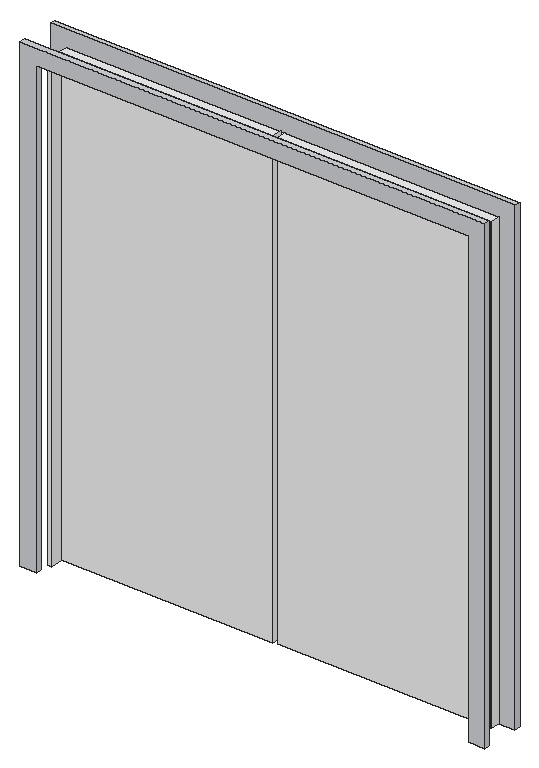
Revit family "0007_M_DR_W_double_hinged_door_family2", category 문, Revit 2026
Family settings
  호스트 = 벽
  항상 수직 = 예
  로드될 때 보이드를 사용하여 절단 = 아니오
  공유 = 아니오
  룸 계산 점 = 아니오
Parameters (values of type "2000 x 2100 mm 2")
  프레임 투영 외부 = 25 mm
  프레임 투영 내부 = 25 mm
  프레임 폭 = 75 mm
  Function = (empty or 0)
  Assembly Code = ""
  두께 = 43 mm
  높이 = 2100 mm
  벽 마무리 = 호스트별
  폭 = 2000 mm
Reference planes
  plane 1: y = 0
  plane 2 "중심(왼쪽/오른쪽)": x = 0
  plane 3 "좌측면": x = -1000
  plane 4 "오른쪽": x = 1000
  plane 5: z = 2100
  plane 6 "외부": y = 75
  plane 7 "내부": y = -75
Forms (mm)
  Extrusion 1, solid
    sketch origin (-3050, -75, 0) x (1, 0, 0) y (0, 0, 1)
      loop
        line (1975, 0) -> (2050, 0) -> (2050, 2100) -> (4050, 2100) -> (4050, 0) -> (4125, 0) -> (4125, 2175) -> (1975, 2175) -> (1975, 0)
    from 0 to 25
  Extrusion 2, solid
    sketch origin (-3050, 75, 0) x (-1, 0, 0) y (0, 0, 1)
      loop
        line (-2050, 0) -> (-1975, 0) -> (-1975, 2175) -> (-4125, 2175) -> (-4125, 0) -> (-4050, 0) -> (-4050, 2100) -> (-2050, 2100) -> (-2050, 0)
    from 0 to 25
  Extrusion 3, solid, material "문짝"
    sketch origin (0, 0, 0) x (1, 0, 0) y (0, 1, 0)
      loop
        line (-1000, 32) -> (-10, 32) -> (-10, 75) -> (-1000, 75) -> (-1000, 32)
      loop
        line (1000, 32) -> (1000, 75) -> (10, 75) -> (10, 32) -> (1000, 32)
      loop
        line (-1000, 21.744) -> (-1000, -32) -> (-985, -32) -> (-985, 21.744) -> (-1000, 21.744)
      loop
        line (985, 21.611) -> (985, -32) -> (1000, -32) -> (1000, 21.611) -> (985, 21.611)
    from 0 to 2100
Lines and regions (mm)
  Opening 1
    outline origin (-3050, -75, 0) x (1, 0, 0) y (0, 0, 1)
      loop
        line (2050, 0) -> (4050, 0) -> (4050, 2100) -> (2050, 2100) -> (2050, 0)
  symbolic lines, style "입면도 스윙"
    curve 1: line (1000, -75, 1050) -> (10, -75, 0)
    curve 22: line (1000, -75, 1050) -> (10, -75, 2100)
    curve 23: line (-1000, -75, 1050) -> (-10, -75, 0)
    curve 24: line (-1000, -75, 1050) -> (-10, -75, 2100)
  symbolic lines
    curve 2: line (-1000, 75, 0) -> (-1000, 32, 0)
    curve 3: line (-1000, 32, 0) -> (-985, 32, 0)
    curve 4: line (-1000, -75, 0) -> (-1000, -32, 0)
    curve 5: line (-1000, -32, 0) -> (-985, -32, 0)
    curve 6: line (-985, -32, 0) -> (-985, 32, 0)
    curve 7: line (1000, 75, 0) -> (1000, 32, 0)
    curve 8: line (1000, 32, 0) -> (985, 32, 0)
    curve 9: line (1000, -75, 0) -> (1000, -32, 0)
    curve 10: line (1000, -32, 0) -> (985, -32, 0)
    curve 11: line (985, -32, 0) -> (985, 32, 0)
    curve 12: line (-1000, 75, 0) -> (-1000, 1075, 0)
    curve 13: line (-1000, 1075, 0) -> (-957, 1075, 0)
    curve 14: line (-957, 1075, 0) -> (-957, 75, 0)
    curve 15: line (-957, 75, 0) -> (-1000, 75, 0)
    curve 16: line (1000, 75, 0) -> (1000, 1075, 0)
    curve 17: line (1000, 1075, 0) -> (957, 1075, 0)
    curve 18: line (957, 1075, 0) -> (957, 75, 0)
    curve 19: line (957, 75, 0) -> (1000, 75, 0)
    curve 20: arc (-957, 1075, 0) -> (-262.488, 751.701, 0) -> (0, 32, 0) r 1000.924
    curve 21: arc (957, 1075, 0) -> (262.488, 751.701, 0) -> (0, 32, 0) r 1000.924
Text (mm)
  text "외부" at (-2295.016, 1099.543, 0), in view "참조 레벨"
  text "외부" at (0, 1615.38, 3698.081), in view "좌측면"
  text "외부" at (0, 1036.032, 3874.932), in view "오른쪽"
Dimensions and locks
  equal spacing: plane 3 "좌측면", plane 2 "중심(왼쪽/오른쪽)", plane 4 "오른쪽"
  "폭": plane 3 "좌측면" to plane 4 "오른쪽"
  "높이": plane 5 to host wall
  equal spacing: host wall, curve 1, plane 5
  host wall to plane 5 = 2100 mm
  "프레임 투영 외부": Extrusion 2 to Extrusion 2
  "프레임 투영 내부": Extrusion 1 to Extrusion 1
  "프레임 폭": plane 3 "좌측면" to Extrusion 1 sketch curve
  "프레임 폭": plane 4 "오른쪽" to Extrusion 1 sketch curve
  "프레임 폭": Extrusion 1 sketch curve to plane 5
  "프레임 폭": plane 4 "오른쪽" to Extrusion 2 sketch curve
  "프레임 폭": plane 3 "좌측면" to Extrusion 2 sketch curve
  "프레임 폭": plane 5 to Extrusion 2 sketch curve
  locked: plane 6 "외부" to host wall at 0
  locked: plane 7 "내부" to host wall
  Extrusion 3 to Extrusion 3 = 43 mm
  Extrusion 3 to Extrusion 3 = 53.611 mm
  aligned and locked: plane 3 "좌측면" to Opening 1 sketch curve
  aligned and locked: plane 5 to Opening 1 sketch curve  (x2)
  aligned and locked: Opening 1 sketch curve to plane 4 "오른쪽"
  aligned and locked: Opening 1 sketch curve to level
  aligned and locked: level to Extrusion 1 sketch curve
  aligned and locked: plane 5 to Extrusion 1 sketch curve  (x2)
  aligned and locked: Extrusion 1 sketch curve to plane 4 "오른쪽"
  aligned and locked: plane 3 "좌측면" to Extrusion 1 sketch curve
  aligned and locked: plane 3 "좌측면" to Extrusion 2 sketch curve
  aligned and locked: plane 5 to Extrusion 2 sketch curve  (x2)
  aligned and locked: level to Extrusion 2 sketch curve
  aligned and locked: plane 1 to host wall
Automatic sketch dimensions
  curve 1 to level = 0 mm
  curve 1 to plane 4 "오른쪽" = 0 mm
  plane 2 "중심(왼쪽/오른쪽)" to curve 1 = 10 mm
  Extrusion 1 sketch curve to level = 0 mm
  Extrusion 2 sketch curve to plane 4 "오른쪽" = 0 mm
  Extrusion 2 sketch curve to level = 0 mm
  curve 2 to host wall = 0 mm
  curve 2 to plane 3 "좌측면" = 0 mm
  curve 20 to host wall = 0 mm
  curve 20 to plane 3 "좌측면" = 0 mm
  curve 4 to host wall = 0 mm
  curve 4 to plane 3 "좌측면" = 0 mm
  curve 21 to plane 2 "중심(왼쪽/오른쪽)" = 0 mm
  curve 19 to host wall = 0 mm
  curve 17 to plane 4 "오른쪽" = 0 mm
  curve 9 to host wall = 0 mm
  curve 9 to plane 4 "오른쪽" = 0 mm
  curve 21 to host wall = 0 mm
  curve 21 to plane 4 "오른쪽" = 0 mm
  curve 4 to curve 6 = 15 mm
  curve 20 to plane 3 "좌측면" = 43 mm
  plane 4 "오른쪽" to curve 18 = 43 mm
  plane 4 "오른쪽" to curve 8 = 15 mm
  host wall to curve 9 = 32 mm
  host wall to curve 4 = 32 mm
  curve 7 to host wall = 32 mm
  curve 3 to host wall = 32 mm
  curve 21 to host wall = 32 mm
  Extrusion 3 sketch curve to plane 3 "좌측면" = 0 mm  (x2)
  Extrusion 3 sketch curve to host wall = 0 mm  (x2)
  Extrusion 3 sketch curve to plane 4 "오른쪽" = 0 mm  (x2)
  Extrusion 3 sketch curve to Extrusion 3 sketch curve = 15 mm
  Extrusion 3 sketch curve to plane 2 "중심(왼쪽/오른쪽)" = 10 mm
  plane 2 "중심(왼쪽/오른쪽)" to Extrusion 3 sketch curve = 10 mm
  plane 4 "오른쪽" to Extrusion 3 sketch curve = 15 mm
  Extrusion 3 sketch curve to host wall = 32 mm
  Extrusion 3 sketch curve to Extrusion 3 sketch curve = 0 mm
  Extrusion 3 sketch curve to Extrusion 3 sketch curve = 10.256 mm
  Extrusion 3 sketch curve to Extrusion 3 sketch curve = 10.389 mm
  host wall to Extrusion 3 sketch curve = 32 mm  (x2)
  curve 24 to plane 3 "좌측면" = 0 mm
  curve 23 to level = 0 mm
  curve 24 to plane 5 = 0 mm
  curve 22 to plane 5 = 0 mm
  curve 22 to plane 4 "오른쪽" = 0 mm
  curve 23 to plane 2 "중심(왼쪽/오른쪽)" = 10 mm
  curve 24 to plane 2 "중심(왼쪽/오른쪽)" = 10 mm
  plane 2 "중심(왼쪽/오른쪽)" to curve 22 = 10 mm
  level to curve 23 = 1050 mm
  level to curve 22 = 1050 mm
